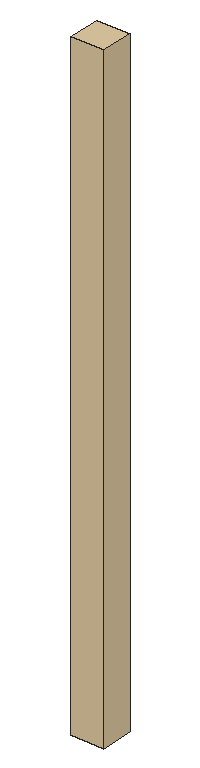
Revit family
Parameters (values of type "133 x 133")
  b = 133 mm
  d = 133 mm
  기둥 재료 [instance] = 목재 - 치수 재목
Types (3, lengths in mm): name | b | d
  (no name) | 133 | 133
  89 x 89 | 89 | 89
  133 x 133 | 133 | 133
Reference planes
  plane 1 "중심(앞/뒤)": y = 0
  plane 2: z = 0
  plane 3 "중심(왼쪽/오른쪽)": x = 0
  plane 4: x = -66.5
  plane 5: x = 66.5
  plane 6: y = 66.5
  plane 7: y = -66.5
Forms (mm)
  Extrusion 1, solid, material "목재 - 치수 재목" <- "기둥 재료", detail levels medium+fine
    sketch origin (0, 0, 0) x (1, 0, 0) y (0, 1, 0)
      loop
        line (-66.5, 66.5) -> (-66.5, -66.5) -> (66.5, -66.5) -> (66.5, 66.5) -> (-66.5, 66.5)
    from 0 to 2500
Lines and regions (mm)
  symbolic lines, style "StructuralColumnStickSymbols", detail levels coarse
    curve 1: line (-66.5, 66.5, 0) -> (66.5, 66.5, 0)
    curve 2: line (-66.5, -66.5, 0) -> (66.5, -66.5, 0)
    curve 3: line (-66.5, 66.5, 0) -> (-66.5, -66.5, 0)
    curve 4: line (66.5, 66.5, 0) -> (66.5, -66.5, 0)
Dimensions and locks
  equal spacing: plane 4, plane 3 "중심(왼쪽/오른쪽)", plane 5
  equal spacing: plane 7, plane 1 "중심(앞/뒤)", plane 6
  "d": plane 7 to plane 6
  "b": plane 4 to plane 5
  aligned and locked: plane 6 to Extrusion 1 sketch curve
  aligned and locked: Extrusion 1 sketch curve to plane 7
  aligned and locked: Extrusion 1 sketch curve to plane 4
  aligned and locked: plane 5 to Extrusion 1 sketch curve
  aligned and locked: level to Extrusion 1
  aligned and locked: level to plane 2
  aligned and locked: Extrusion 1 to plane 2
Automatic sketch dimensions
  curve 3 to plane 4 = 0 mm
  curve 4 to plane 5 = 0 mm
  curve 3 to plane 7 = 0 mm
  curve 3 to plane 6 = 0 mm
